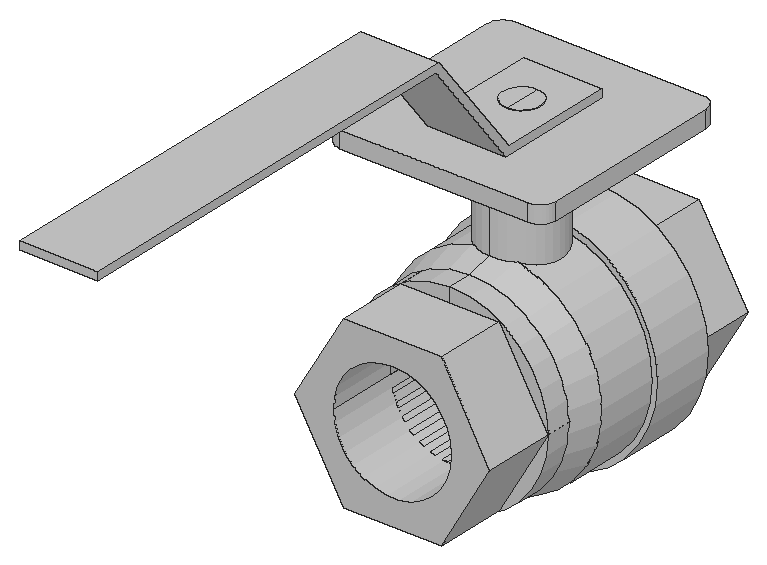
Revit family "КШ РАШВОРК  арт.7015 .rfa", category Арматура трубопроводов, Revit 2021
Family settings
  Размер круглого соединителя = Использовать диаметр
  Тип детали = Нормальный
  На основе рабочей плоскости = Нет
  Всегда вертикально = Нет
  При загрузке вырезать с полостями = Да
  Общий = Нет
Parameters (values of type "Кран шаровой полнопроходной РАШВОРК 7015 DN040 PN63, CF8M / AISI316 / PTFE, ВР/ВР, ISO 5211, рукоятка-рычаг, кв.14мм")
  Шручки = 25 mm
  ШISO = 70 mm
  Уго_длинна = 115 mm
  Ручка = нерж. сталь AISI304
  Отметка по умолчанию = 0 mm
  Корпус = нерж. сталь CF8M
  Изготовитель = "ООО \"ТД \"РАШВОРК\""
  ВВ = 69 mm
  ВISO = 70 mm
  А = 36 mm
  W = 185 mm
  URL = "https://rwru.ru/"
  TISO = 5.5 mm
  LL = 54 mm
  L = 103 mm
  H = 109 mm
  DN_соединителя = 40 mm
  DN = 38 mm
  B5 = 28.154 mm
  B4 = 6 mm
  B3 = 12.5 mm
  B2 = 73 mm
  B1 = 64 mm
  ADSK_Примечание = ""
  ADSK_Наименование краткое = ""
  ADSK_Наименование = "Кран шаровой полнопроходной РАШВОРК 7015 DN040 PN63, CF8M / AISI316 / PTFE, ВР/ВР, ISO 5211, рукоятка-рычаг, кв.14мм"
  ADSK_Масса = 1.94
  ADSK_Код изделия = "7015-040-63"
  ADSK_Завод-изготовитель = "ООО \"ТД \"РАШВОРК\""
  ADSK_Единица измерения = "шт"
  A5 = 8 mm
  A4 = 31.5 mm
  A3 = 20 mm
  A2 = 2 mm
  A1 = 20 mm
  A00 = 81 mm
  A0 = 23 mm
Types (9, lengths in mm): name | Шручки | ШISO | ВВ | ВISO | А | W | TISO | LL | L | H | DN_соединителя | DN | B4 | B3 | B2 | B1 | ADSK_Наименование | ADSK_Масса | ADSK_Код изделия | A5 | A4 | A3 | A2 | A1 | A00 | A0
  (no name) | 25 | 70 | 69 | 70 | 36 | 185 | 5.5 | 54 | 103 | 109 | 40 | 38 | 6 | 12.5 | 73 | 64 | "Кран шаровой полнопроходной РАШВОРК 7015 DN040 PN63, CF8M / AISI316 / PTFE, ВР/ВР, ISO 5211, рукоятка-рычаг, кв.14мм" | 1.94 | "7015-040-63" | 8 | 31.5 | 20 | 2 | 20 | 81 | 23
  Кран шаровой полнопроходной РАШВОРК 7015 DN040 PN63, CF8M / AISI316 / PTFE, ВР/ВР, ISO 5211, рукоятка-рычаг, кв.14мм | 25 | 70 | 69 | 70 | 36 | 185 | 5.5 | 54 | 103 | 109 | 40 | 38 | 6 | 12.5 | 73 | 64 | "Кран шаровой полнопроходной РАШВОРК 7015 DN040 PN63, CF8M / AISI316 / PTFE, ВР/ВР, ISO 5211, рукоятка-рычаг, кв.14мм" | 1.94 | "7015-040-63" | 8 | 31.5 | 20 | 2 | 20 | 81 | 23
  Кран шаровой полнопроходной РАШВОРК 7015 DN008 PN63, CF8M / AISI316 / PTFE, ВР/ВР, ISO 5211, рукоятка-рычаг, кв.9мм | 17 | 36 | 36 | 36 | 14.5 | 115 | 4 | 22 | 56 | 65 | 9 | 12.5 | 4 | 7 | 39 | 36 | "Кран шаровой полнопроходной РАШВОРК 7015 DN008 PN63, CF8M / AISI316 / PTFE, ВР/ВР, ISO 5211, рукоятка-рычаг, кв.9мм" | 0.37 | "7015-008-63" | 6 | 13 | 10 | 1 | 11 | 41 | 12
  Кран шаровой полнопроходной РАШВОРК 7015 DN010 PN63, CF8M / AISI316 / PTFE, ВР/ВР, ISO 5211, рукоятка-рычаг, кв.9мм | 17 | 36 | 36 | 36 | 14.5 | 115 | 4 | 22 | 56 | 65 | 10 | 12.5 | 4 | 7 | 39 | 36 | "Кран шаровой полнопроходной РАШВОРК 7015 DN010 PN63, CF8M / AISI316 / PTFE, ВР/ВР, ISO 5211, рукоятка-рычаг, кв.9мм" | 0.37 | "7015-010-63" | 6 | 13 | 10 | 1 | 11 | 41 | 12
  Кран шаровой полнопроходной РАШВОРК 7015 DN015 PN63, CF8M / AISI316 / PTFE, ВР/ВР, ISO 5211, рукоятка-рычаг, кв.9мм | 17 | 42 | 35 | 42 | 17.5 | 140 | 5 | 25 | 58.6 | 68 | 15 | 15 | 4 | 8.5 | 42 | 35 | "Кран шаровой полнопроходной РАШВОРК 7015 DN015 PN63, CF8M / AISI316 / PTFE, ВР/ВР, ISO 5211, рукоятка-рычаг, кв.9мм" | 0.37 | "7015-015-63" | 7 | 15 | 12 | 1 | 12 | 46 | 12
  Кран шаровой полнопроходной РАШВОРК 7015 DN020 PN63, CF8M / AISI316 / PTFE, ВР/ВР, ISO 5211, рукоятка-рычаг, кв.9мм | 19 | 42 | 43.5 | 42 | 21 | 140 | 5 | 32 | 66.5 | 72.5 | 20 | 20 | 4 | 8.5 | 46.5 | 39 | "Кран шаровой полнопроходной РАШВОРК 7015 DN020 PN63, CF8M / AISI316 / PTFE, ВР/ВР, ISO 5211, рукоятка-рычаг, кв.9мм" | 0.49 | "7015-020-63" | 4 | 19 | 14 | 1 | 14 | 54 | 17
  Кран шаровой полнопроходной РАШВОРК 7015 DN025 PN63, CF8M / AISI316 / PTFE, ВР/ВР, ISO 5211, рукоятка-рычаг, кв.11мм | 22 | 50 | 49 | 50 | 25 | 160 | 6 | 39 | 79.5 | 87 | 25 | 25 | 5 | 10 | 52 | 49 | "Кран шаровой полнопроходной РАШВОРК 7015 DN025 PN63, CF8M / AISI316 / PTFE, ВР/ВР, ISO 5211, рукоятка-рычаг, кв.11мм" | 0.74 | "7015-025-63" | 3 | 23 | 19 | 1 | 15 | 64 | 21
  Кран шаровой полнопроходной РАШВОРК 7015 DN032 PN63, CF8M / AISI316 / PTFE, ВР/ВР, ISO 5211, рукоятка-рычаг, кв.11мм | 22 | 50 | 62 | 50 | 31 | 160 | 5.5 | 49 | 94.5 | 100 | 32 | 32 | 5 | 10 | 65 | 62 | "Кран шаровой полнопроходной РАШВОРК 7015 DN032 PN63, CF8M / AISI316 / PTFE, ВР/ВР, ISO 5211, рукоятка-рычаг, кв.11мм" | 1.18 | "7015-032-63" | 9 | 29 | 19 | 1 | 18 | 73 | 22
  Кран шаровой полнопроходной РАШВОРК 7015 DN050 PN63, CF8M / AISI316 / PTFE, ВР/ВР, ISO 5211, рукоятка-рычаг, кв.14мм | 25 | 70 | 78.5 | 70 | 45 | 185 | 6 | 67 | 125 | 118.5 | 50 | 50 | 6 | 12.5 | 82.5 | 73 | "Кран шаровой полнопроходной РАШВОРК 7015 DN050 PN63, CF8M / AISI316 / PTFE, ВР/ВР, ISO 5211, рукоятка-рычаг, кв.14мм" | 2.9 | "7015-050-63" | 10 | 39 | 29 | 2 | 22 | 99 | 28
Reference planes
  plane 1 "По центру (Вперед/Назад)": y = 0
  plane 2: z = 0
  plane 3 "По центру (Влево/Вправо)": x = 0
  plane 4: z = 27
  plane 5: z = -27
  plane 6: through (631.09, -1524, 1093.08) normal (0.866, 0, -0.5)
  plane 7: through (-682.473, 0, -1128.077) normal (0.866, 0, -0.5)
  plane 8: through (-635.707, 0, -1155.077) normal (0.866, 0, -0.5)
  plane 9: through (-631.09, -1524, 1093.08) normal (0.866, 0, 0.5)
  plane 10: through (682.473, 0, -1128.077) normal (0.866, 0, 0.5)
  plane 11: through (635.707, 0, -1155.077) normal (0.866, 0, 0.5)
  plane 12: y = 51.5
  plane 13: y = -51.5
  plane 14: y = 29.5
  plane 15: y = -28.5
  plane 16: z = 36
  plane 17: y = 9.5
  plane 18: z = 34
  plane 19: y = -10.5
  plane 20: z = 31.5
  plane 21: y = -20.5
  plane 22: z = 64
  plane 23: y = 12.5
  plane 24: z = 73
  plane 25: y = 6
  plane 26: y = -185
  plane 27: x = -12.5
  plane 28: x = 12.5
  plane 29: z = 69
  plane 30: z = 63.5
  plane 31: x = -35
  plane 32: x = 35
  plane 33: y = 35
  plane 34: y = -35
Forms (mm)
  Revolve 1, solid, material "нерж. сталь CF8M" <- "Корпус", detail levels medium+fine
    sketch origin (0, 0, 0) x (0, 1, 0) y (0, 0, 1)
      loop
        line (29.5, 0) -> (29.5, 36) -> (9.5, 36) -> (9.5, 34) -> (-10.5, 34) -> (-20.5, 31.5) -> (-28.5, 31.5) -> (-28.5, 0) -> (29.5, 0)
      axis (29.5, 0) -> (-28.5, 0)
    angle from 0 to 360
  Extrusion 2, solid, material "нерж. сталь CF8M" <- "Корпус", detail levels medium+fine
    sketch origin (0, 0, 0) x (1, 0, 0) y (0, 0, -1)
      loop
        line (-15.588, -27) -> (15.588, -27) -> (31.177, 0) -> (15.588, 27) -> (-15.588, 27) -> (-31.177, 0) -> (-15.588, -27)
    from -51.5 to 51.5
  Extrusion 3, void
    sketch origin (0, 0, 0) x (1, 0, 0) y (0, 0, 1)
      loop
        circle (0, 0) r 19
    from -51.5 to 51.5
  Revolve 4, solid, material "нерж. сталь CF8M" <- "Корпус", detail levels medium+fine
    sketch origin (0, 0, 0) x (0, 1, 0) y (0, 0, 1)
      loop
        line (12.5, 27) -> (12.5, 64) -> (6, 64) -> (6, 73) -> (0, 73) -> (0, 27) -> (12.5, 27)
      axis (0, 73) -> (0, 27)
    angle from 0 to 360
  Extrusion 5, solid, material "нерж. сталь AISI304" <- "Ручка", detail levels medium+fine
    sketch origin (0, 0, 0) x (0, 1, 0) y (0, 0, 1)
      loop
        line (16.386, 73) -> (-20.886, 73) -> (-48.614, 109) -> (-185, 109) -> (-185, 106.5) -> (-49.72, 106.5) -> (-21.992, 70.5) -> (16.386, 70.5) -> (16.386, 73)
    from -12.5 to 12.5
  Extrusion 6, solid, material "нерж. сталь CF8M" <- "Корпус", detail levels medium+fine
    sketch origin (0, 0, 0) x (1, 0, 0) y (0, 1, 0)
      loop
        arc (-30, 35) -> (-33.536, 33.536) -> (-35, 30) r 5
        line (-35, 30) -> (-35, -30)
        arc (-35, -30) -> (-33.536, -33.536) -> (-30, -35) r 5
        line (-30, -35) -> (30, -35)
        arc (30, -35) -> (33.536, -33.536) -> (35, -30) r 5
        line (35, -30) -> (35, 30)
        arc (35, 30) -> (33.536, 33.536) -> (30, 35) r 5
        line (30, 35) -> (-30, 35)
    from 63.5 to 69
Cuts and joins
  Extrusion 3 cuts Revolve 1
  Extrusion 3 cuts Extrusion 2
Dimensions and locks
  equal spacing: plane 8, plane 6, plane 7
  "LL": plane 8 to plane 7
  equal spacing: plane 4, level, plane 5
  "LL": plane 4 to plane 5
  equal spacing: plane 11, plane 9, plane 10
  "LL": plane 11 to plane 10
  equal spacing: plane 12, plane 1 "По центру (Вперед/Назад)", plane 13
  "L": plane 12 to plane 13
  "А": plane 16 to level
  "A2": plane 16 to plane 18
  "A3": plane 17 to plane 19
  "A4": plane 20 to level
  "B1": plane 22 to level
  "B2": plane 24 to level
  "B3": plane 23 to plane 1 "По центру (Вперед/Назад)"
  "B4": plane 25 to plane 1 "По центру (Вперед/Назад)"
  "A5": plane 21 to plane 15
  "A0": plane 15 to plane 13
  "A1": plane 14 to plane 17
  "A00": plane 14 to plane 13
  "W": plane 1 "По центру (Вперед/Назад)" to plane 26
  equal spacing: plane 27, plane 3 "По центру (Влево/Вправо)", plane 28
  "Шручки": plane 27 to plane 28
  "H": Extrusion 5 to level
  "ВВ": plane 29 to level
  "TISO": plane 29 to plane 30
  equal spacing: plane 31, plane 3 "По центру (Влево/Вправо)", plane 32
  "ШISO": plane 31 to plane 32
  equal spacing: plane 33, plane 1 "По центру (Вперед/Назад)", plane 34
  "ВISO": plane 33 to plane 34
  "DN": diameter of Extrusion 3 sketch curve
  aligned and locked: level to plane 2
  aligned and locked: plane 13 to Extrusion 2
  aligned and locked: plane 15 to Revolve 1
  aligned and locked: plane 3 "По центру (Влево/Вправо)" to Extrusion 3 sketch curve
  aligned and locked: level to Extrusion 3 sketch curve
  aligned and locked: plane 13 to Extrusion 3
  aligned and locked: Revolve 1 sketch curve to plane 20
  aligned and locked: cut or joined group of Extrusion 2, Extrusion 3 to plane 12
  aligned and locked: Extrusion 3 to plane 12
  aligned and locked: Revolve 4 sketch curve to plane 24
  aligned and locked: plane 25 to Revolve 4 sketch curve
  aligned and locked: Revolve 4 sketch curve to plane 22
  aligned and locked: plane 23 to Revolve 4 sketch curve
  aligned and locked: plane 4 to Revolve 4
  aligned and locked: plane 14 to cut or joined group of Revolve 1, Extrusion 3
  aligned and locked: cut or joined group of Revolve 1, Extrusion 3 to plane 17
  aligned and locked: Extrusion 5 to plane 27
  aligned and locked: plane 28 to Extrusion 5
  aligned and locked: plane 3 "По центру (Влево/Вправо)" to nested 1
  aligned and locked: plane 1 "По центру (Вперед/Назад)" to nested 1
  aligned and locked: Extrusion 6 sketch curve to plane 33
  aligned and locked: plane 31 to Extrusion 6 sketch curve
  aligned and locked: plane 34 to Extrusion 6 sketch curve
  aligned and locked: Extrusion 6 sketch curve to plane 32
  aligned and locked: plane 29 to Extrusion 6
  aligned and locked: Extrusion 6 to plane 30
Automatic sketch dimensions
  Extrusion 2 sketch curve to level = 0 mm  (x2)
  Extrusion 2 sketch curve to plane 7 = 0 mm  (x2)
  Extrusion 2 sketch curve to plane 4 = 0 mm
  Extrusion 2 sketch curve to plane 5 = 0 mm
  Extrusion 2 sketch curve to plane 6 = 0 mm  (x2)
  Extrusion 2 sketch curve to plane 8 = 0 mm  (x2)
  Revolve 1 sketch curve to level = 0 mm  (x2)
  plane 15 to Revolve 1 sketch curve = 0 mm
  Revolve 1 sketch curve to plane 21 = 0 mm
  Revolve 1 sketch curve to plane 19 = 0 mm
  Revolve 1 sketch curve to plane 17 = 0 mm
  Revolve 1 sketch curve to plane 14 = 0 mm
  plane 13 to Revolve 1 sketch curve = 20.083 mm
  Revolve 1 sketch curve to plane 12 = 21.219 mm
  Revolve 1 sketch curve to plane 16 = 0 mm
  Revolve 1 sketch curve to plane 18 = 0 mm
  Revolve 4 sketch curve to plane 1 "По центру (Вперед/Назад)" = 0 mm  (x2)
  level to Revolve 4 sketch curve = 27 mm
  Revolve 4 sketch curve to plane 5 = 38.032 mm
  Revolve 4 sketch curve to Revolve 4 sketch curve = 25 mm
  Extrusion 5 sketch curve to Extrusion 5 sketch curve = 2.5 mm  (x2)
  Extrusion 5 sketch curve to plane 13 = 1.78 mm
  plane 21 to Extrusion 5 sketch curve = 1.492 mm
  Extrusion 5 sketch curve to plane 24 = 0 mm
  Extrusion 5 sketch curve to plane 23 = 3.886 mm
  Extrusion 5 sketch curve to Extrusion 5 sketch curve = 1.106 mm
  plane 21 to Extrusion 5 sketch curve = 0.386 mm
  plane 24 to Extrusion 5 sketch curve = 33.5 mm
  Extrusion 5 sketch curve to plane 26 = 0 mm
  Extrusion 6 sketch curve to Extrusion 6 sketch curve = 5 mm  (x2)
  Extrusion 6 sketch curve to plane 32 = 5 mm  (x2)
Nested families
  nested 1: "УГО_кран" at (0, 0, 0), type "УГО_кран", detail levels coarse
Connectors
  piping at (0, 51.5, 0), diameter 40, driven by "DN_соединителя"
    settings: on cut or joined group of Extrusion 2, Extrusion 3, index 1, connector inside diameter 609.6 mm, connector length 0 mm, flow factor 0, pipe flow 0.0 L/s, pressure drop 0.0 Pa, fitting loss kfactor 0, connector angle 0.00°, fixture units 0, engagement length 0 mm, angle of deflection 0.00°, flow configuration 0, flow direction 0, fitting loss method 0, system type 7, joint type 0, gender type 0, connector reference index 2, connector utility 0, adjustable connector no, is connector primary yes, connector description ""
  piping at (0, -51.5, 0), diameter 40, driven by "DN_соединителя"
    settings: on cut or joined group of Extrusion 2, Extrusion 3, index 2, connector inside diameter 609.6 mm, connector length 0 mm, flow factor 0, pipe flow 0.0 L/s, pressure drop 0.0 Pa, fitting loss kfactor 0, connector angle 0.00°, fixture units 0, engagement length 0 mm, angle of deflection 0.00°, flow configuration 0, flow direction 0, fitting loss method 0, system type 7, joint type 0, gender type 0, connector reference index 1, connector utility 0, adjustable connector no, is connector primary no, connector description ""
Definition of nested family "УГО_кран"
  Parameters (values of type "УГО_кран")
    Default Elevation = 0 mm
    Высота_УГО = (L_УГО / 2) / cos(30.00°)  # 57.735 mm
    L_УГО = 100 mm
  Reference planes
    plane 1 "По центру (Вперед/Назад)": y = 0
    plane 2: z = 0
    plane 3 "По центру (Влево/Вправо)": x = 0
    plane 4: z = 28.868
    plane 5: z = -28.868
    plane 6: y = 50
    plane 7: y = -50
  Lines and regions (mm)
    model lines
      curve 1: line (0, 50, 28.868) -> (0, -50, -28.868)
      curve 2: line (0, -50, -28.868) -> (0, -50, 28.868)
      curve 3: line (0, -50, 28.868) -> (0, 50, -28.868)
      curve 4: line (0, 50, -28.868) -> (0, 50, 28.868)
  Dimensions and locks
    equal spacing: plane 6, plane 1 "По центру (Вперед/Назад)", plane 7
    "L_УГО": plane 6 to plane 7
    equal spacing: plane 4, level, plane 5
    "Высота_УГО": plane 4 to plane 5
    aligned and locked: level to plane 2
    aligned and locked: plane 6 to curve 4
    aligned and locked: plane 7 to curve 2
    aligned and locked: plane 4 to curve 3
    aligned and locked: plane 4 to curve 4
    aligned and locked: plane 5 to curve 4
  Automatic sketch dimensions
    curve 1 to plane 5 = 0 mm
